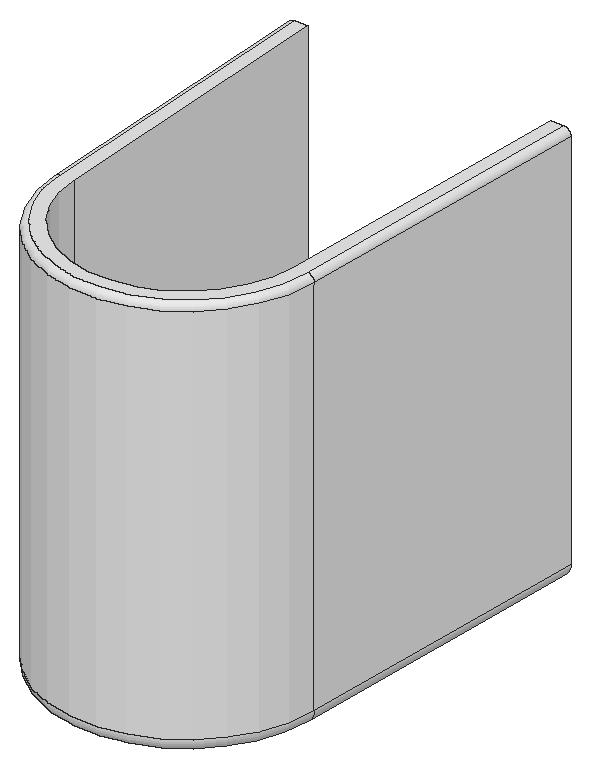
Revit family "_PlumbingFixture_GroheLimited_EuroCeramicSemiPedestal_39201000_METRIC_1", category Plumbing Fixtures, Revit 2015
Parameters (values of type "39201000")
  _DistributedBy = "www.bimstore.co.uk"
  _CurrentRevision = 1
  _CreatedBy = "www.bimstore.co.uk"
  _BimSpecGuid = 0
  _BSBibleVersion = 14
  _AuthorizedBy = "Kris Atkinson"
  _Author = "Ian Holmes"
  Waste Connection = no
  WarrantyStartDate [instance] = "Please Record On Commissioning."
  WarrantyGuarantorParts = "info-uk@grohe.com"
  WarrantyGuarantorLabor = "info-uk@grohe.com"
  WarrantyDurationUnit = "Years"
  WarrantyDurationParts = "n/a"
  WarrantyDurationLabor = "n/a"
  WarrantyDescription = "n/a"
  WFU = 0
  Vent Connection = no
  URL = "www.grohe.com"
  TypeName = "Euro Ceramic semi pedestal for washbasin"
  Type Comments = "39201000"
  SpareParts = "n/a"
  Size = "n/a"
  Shape = "n/a"
  SerialNumber [instance] = "Please Record On Commissioning."
  ReplacementCost = "n/a"
  ReferencedStandard = "n/a"
  ProductionYear = "2017"
  ProductPageURL = "n/a"
  ProductDocumentationLink = "n/a"
  PrimaryMaterial = Ceramic, White
  PercentageOfRecycledContent = "n/a"
  OffsetFromLevel [instance] = 600 mm
  NominalLength = 0 mm
  NominalHeight = 0 mm
  NominalDepth = 0 mm
  NBSReference = "45-35-70/365"
  NBSOfficeMasterTag = "n/a"
  NBSObjectName = "Grohe Limited -  Pedestal wash basins"
  NBSNote = ""
  NBSDescription = "Pedestal wash basins"
  ModelReference = "Euro Ceramic semi pedestal for washbasin"
  ModelNumber = "39201000"
  Model = "Euro Ceramic semi pedestal for washbasin"
  Material = "Ceramic"
  MasterformatTitle = "Sanitary Facilities"
  MasterformatNumber = "01 52 19"
  ManufacturerName = "Grohe Limited"
  Manufacturer = "Grohe Limited"
  LowEmittingMaterial = no
  LEEDCredit = "n/a"
  Keynote = "N13"
  InstallationDate [instance] = "Please Record On Commissioning."
  IndustryStandards = "n/a"
  IfcExportType = "IfcPipeFittingType"
  IfcExportAs = "IfcPipeFitting"
  HotWaterConnectionDiameter = 10 mm
  HWFU = 4.5
  HW Connection = no
  Grade = "n/a"
  Finish = "Ceramic"
  Features = "Euro Ceramic Semi pedestal for washbasin. Invisible fixation set (L-Bracket). Vitreous china. Alpine White. 220 x 320 x 300 mm. 30 pcs per pallet."
  ExpectedLife = 0
  Ecojoy = no
  DurationUnit = "Years"
  DocumentationTechnical = "n/a"
  DocumentationMaintenance = "n/a"
  DocumentationLiterature = "n/a"
  DocumentationInstallationGuide = "n/a"
  DocumentationCertificates = "n/a"
  Description = "Euro Ceramic Semi pedestal for washbasin. Invisible fixation set (L-Bracket). Vitreous china. Alpine White. 220 x 320 x 300 mm. 30 pcs per pallet."
  CreatedOn = "2017-07-01T09:00:00"
  CreatedBy = "info-uk@grohe.com"
  Cost = 0
  Constituents = "n/a"
  Color = "White"
  ColdWaterConnectionDiameter = 10 mm
  CodePerformance = "n/a"
  ClassificationValue = "Pr_40_20_96_63"
  ClassificationName = "Uniclass2015"
  CWFU = 4.5
  CW Connection = no
  BarCode [instance] = "Please Record On Commissioning."
  BIMObjectName = "_PlumbingFixture_GroheLimited_EuroCeramicSemiPedestal_39201000_METRIC"
  AssetType = "Fixed"
  AssetIdentifier [instance] = "Please Record On Commissioning."
  Assembly Code = "D2010"
  AccessibilityPerformance = "n/a"
  ADACompliant = no
Reference planes
  plane 1 "Center (Front/Back)": y = 0
  plane 2: z = 0
  plane 3 "Center (Left/Right)": x = 0
  plane 4 "OffsetFromLevel": z = 600
Dimensions and locks
  "OffsetFromLevel": plane 4 "OffsetFromLevel" to plane 2
  aligned and locked: level to plane 2
  aligned and locked: plane 3 "Center (Left/Right)" to nested 1
  aligned and locked: plane 1 "Center (Front/Back)" to nested 1
  aligned and locked: plane 4 "OffsetFromLevel" to nested 1
Nested families
  nested 1: "39201000" at (0, 0, 300), type "39201000"
Definition of nested family "39201000"
  Parameters (values of type "39201000")
    Material = none
  Reference planes
    plane 1 "Center (Front/Back)": y = 0
    plane 2: z = 0
    plane 3 "Center (Left/Right)": x = 0
    plane 4: x = -105
    plane 5: x = 105
    plane 6: y = -322
    plane 7: z = 15
    plane 8: z = 150
    plane 9: z = -410
    plane 10: z = 200
    plane 11: x = -40
    plane 12: x = 40
  Forms (mm)
    Sweep 1, solid, material <- "Material"
      path in 3D
        loop
          line (-105.242, 6.532, 0) -> (-97.041, -228.325, 0)
          arc (-97.041, -228.325, 0) -> (0, -322.036, 0) -> (97.041, -228.325, 0) r 97.1
          line (97.041, -228.325, 0) -> (105.197, 5.242, 0)
      profile origin (0, -322.036, 0) x (0, 1, 0) y (0, 0, 1)
        loop
          line (15, 0) -> (15, 300) -> (5, 300)
          arc (5, 300) -> (1.464, 298.536) -> (0, 295) r 5
          line (0, 295) -> (0, 10)
          arc (0, 10) -> (2.929, 2.929) -> (10, 0) r 10
          line (10, 0) -> (15, 0)
    Extrusion 2, solid, material <- "Material"
      sketch origin (0, 0, 0) x (1, 0, 0) y (0, 1, 0)
        loop
          arc (-82.05, -227.801) -> (0, -307.036) -> (82.05, -227.801) r 82.1
          line (82.05, -227.801) -> (90.329, 9.274) -> (-90.329, 9.274) -> (-82.05, -227.801)
      from 0 to 15
    Extrusion 3, void
      sketch origin (0, 0, 0) x (1, 0, 0) y (0, 1, 0)
        loop
          line (-116.296, 0) -> (116.06, 0) -> (116.06, 20) -> (-116.296, 20) -> (-116.296, 0)
      from 0 to 300
  Cuts and joins
    Extrusion 3 cuts Sweep 1
    Extrusion 3 cuts Extrusion 2
    joined: Sweep 1, Extrusion 2
  Lines and regions (mm)
    reference lines, not visible
      curve 1: line (-105.242, 6.532, 0) -> (-97.041, -228.325, 0)
      curve 2: line (105.197, 5.242, 0) -> (97.041, -228.325, 0)
      curve 3: arc (-97.041, -228.325, 0) -> (0, -322.036, 0) -> (97.041, -228.325, 0) r 97.1
    sketch lines
      curve 4: line (-105.242, 6.532, 0) -> (-97.041, -228.325, 0)
      curve 5: arc (-97.041, -228.325, 0) -> (0, -322.036, 0) -> (97.041, -228.325, 0) r 97.1
      curve 6: line (105.197, 5.242, 0) -> (97.041, -228.325, 0)
    reference lines
      curve 7: circle (-40, 0, 200) r 15 normal (0, -1, 0)
      curve 8: circle (40, 0, 200) r 15 normal (0, -1, 0)
      curve 9: circle (0, 0, 150) r 25 normal (0, -1, 0)
  Dimensions and locks
    aligned and locked: level to plane 2
    aligned and locked: plane 10 to curve 7
    aligned and locked: plane 10 to curve 8
    aligned and locked: plane 12 to curve 8
    aligned and locked: plane 11 to curve 7
    aligned and locked: plane 3 "Center (Left/Right)" to curve 9
    aligned and locked: plane 8 to curve 9
